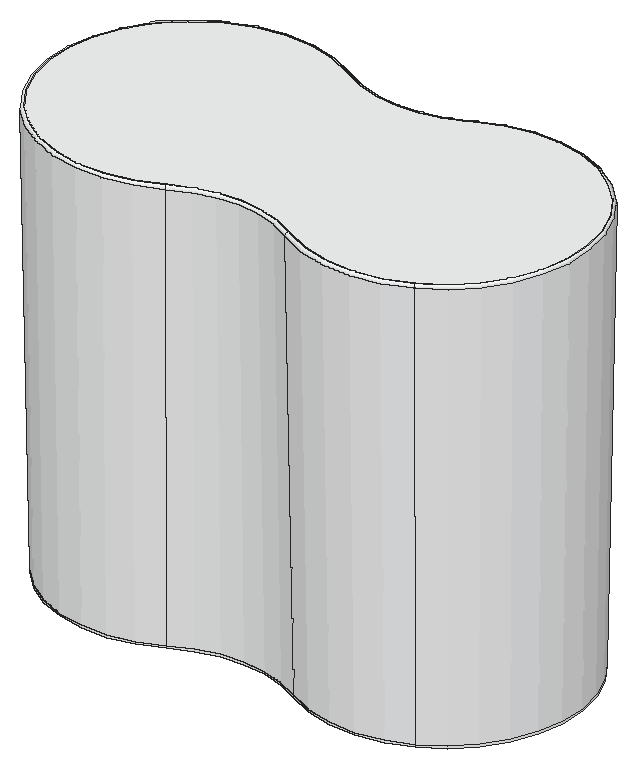
Revit family "INTONO C OUT 2.4", category Lighting Fixtures, host Ceiling, Revit 2020
Family settings
  Host = Ceiling
  Round Connector Dimension = Use Diameter
  Part Type = Normal
  OmniClass Number = 23.80.70.11
  OmniClass Title = Luminaries for Internal Lighting
  Always vertical = Yes
  Cut with Voids When Loaded = No
  Light Source = Yes
  Shared = No
  Room Calculation Point = Yes
Parameters (values of type "INTONO C OUT 2.4 TT 11° (3000K CRI90 12W 230Vac)")
  Wiring = "-"
  Width mm = 53.00 mm
  Weight kg = "0.60 kg"
  Wattage = 6.08582 W
  Vertical rotation max = 0.00°
  URL Technical sheet = "-"
  URL Image = "https://www.lucelight.it/en/prodotto-foto.php/142320"
  URL IES Photometric file = "https://www.lucelight.it/media/prodotti/fotometrie/intono_c_out_2.4_ies.zip"
  URL General code = "https://www.lucelight.it/en/prodotto.php/142320#a-generacodice"
  URL Description = "https://www.lucelight.it/en/capitolato.php/142320"
  URL DXF = "https://www.lucelight.it/media/prodotti/dxf/intono_c_out_2.4.dxf"
  URL Catalogue = "https://www.lucelight.it/media/prodotti/mf_brochure/intono_c_out_brochure_en.pdf"
  URL Accessories and power supply units = "https://www.lucelight.it/en/prodotto.php/142320#a-scheda-accessori"
  URL = "https://www.lucelight.it/en/prodotto.php/142320"
  Trim = L&L_Black glass
  built-in parameter 1150110 = 1 (stored number, unit not read)
  Tilt Angle = 90.00°
  Power supply unit = "built-in"
  Power supply = "230Vac"
  Power cables = "-"
  Power = "12W"
  Photometric Web File = "INTONO C OUT 2.4 TT 11° [3000K CRI90 12W 230Vac].IES"
  Optics = "11°"
  Notes = "Version compatible with Google Home or Amazon Echo available on request for voice command control"
  No. and type of led = "2 power LEDs, 3-step MacAdam, 50 000h L90 B10 (Ta 25°C)"
  Mounting = "surface mounted (ceiling)"
  Model = "Intono C OUT 2.4"
  Material = "Body in die-cast aluminium, screen in black-serigraphed, tempered, transparent extra-clear glass"
  Manufacturer = "L&L Luce&Light"
  Lumen output at source = "904 lm (3000K, CRI 90), 976 lm (3000K, CRI 80)"
  Lens = L&L_Tempered extra-clear glass
  built-in parameter 1114217 = 1 (stored number, unit not read)
  built-in parameter 1150109 = 1 (stored number, unit not read)
  built-in parameter 1150134 = (empty or 0)
  built-in parameter 1150113 = 1 (stored number, unit not read)
  Lumens = 904 lm
  built-in parameter 1150115 = 1 (stored number, unit not read)
  built-in parameter 1150105 = 13194.9 (stored number, unit not read)
  built-in parameter 1150137 = (empty or 0)
  built-in parameter 1150139 = (empty or 0)
  Length mm = 100.00 mm
  built-in parameter 1150112 = 1 (stored number, unit not read)
  built-in parameter 1150114 = 1 (stored number, unit not read)
  LED Colour = "2700K, 3000K, 4000K"
  built-in parameter 1150132 = 2
  built-in parameter 1150102 = (empty or 0)
  built-in parameter 1150138 = (empty or 0)
  built-in parameter 1150107 = 3000 (stored number, unit not read)
  built-in parameter 1150106 = 131.95 (stored number, unit not read)
  IP = "IP65"
  Horizontal rotation max = 0.00°
  Height mm = 82.00 mm
  Features = "easy installation thanks to 4-point magnetic fastener"
  Energy efficiency class = "A A+ A++"
  Emit from Line Length = 609.60 mm
  built-in parameter 1150104 = 13.8 (stored number, unit not read)
  Dimming Lamp Color Temperature Shift = <None>
  Description = "Ceiling mounted for outdoor applications"
  Delivered lumen output = "652 lm (3000K, 34°, CRI 90), 704 lm (3000K, 34°, CRI 80)"
  Default Elevation = 0.00 mm
  Cutout dimensions = "-"
  Control system = "ON/OFF"
  Contact = "T: +39 0444 360571; E: lucelight@lucelight.it"
  Company = "L&L Luce&Light"
  Color Filter = 16777215
  Code = "-"
  CRI = "CRI 80; CRI >90"
  built-in parameter 1114218 = 1 (stored number, unit not read)
  Body = L&L _Aluminium low copper
  built-in parameter 1150133 = 10 (stored number, unit not read)
Types (5, lengths in mm): name | Photometric Web File | Optics
  (no name) | "INTONO C OUT 2.4 TT 11° [3000K CRI90 12W 230Vac].IES" | "11°"
  INTONO C OUT 2.4 TT 11° (3000K CRI90 12W 230Vac) | "INTONO C OUT 2.4 TT 11° [3000K CRI90 12W 230Vac].IES" | "11°"
  INTONO C OUT 2.4 MM 34° (3000K CRI90 12W 230Vac) | "INTONO C OUT 2.4 MM 34° [3000K CRI90 12W 230Vac].IES" | "34°"
  INTONO C OUT 2.4 KK 68° (3000K CRI90 12W 230Va) | "INTONO C OUT 2.4 KK 68° [3000K CRI90 12W 230Vac].IES" | "68°"
  INTONO C OUT 2.4 DD (3000K CRI90 12W 230Vac) | "INTONO C OUT 2.4 DD [3000K CRI90 12W 230Vac].IES" | "diffuse"
Reference planes
  plane 1 "Light Source Axis (F/B)": y = 0
  plane 2 "Ceiling": z = 2438.4
  plane 3 "Light Source Axis (L/R)": x = 0
  plane 4 "Light Source Elevation": z = 2336.8
Dimensions and locks
  equal spacing: host sketch curve, plane 3 "Light Source Axis (L/R)", host sketch curve
  equal spacing: host sketch curve, plane 1 "Light Source Axis (F/B)", host sketch curve
  host sketch curve to host sketch curve = 3048.00 mm  (x2)
  aligned and locked: plane 3 "Light Source Axis (L/R)" to imposter light
  aligned and locked: plane 1 "Light Source Axis (F/B)" to imposter light
  aligned and locked: plane 4 "Light Source Elevation" to imposter light
Nested families
  nested 1: "INTONO C OUT 2.4_mod" at (0, 0, 2438.4), type "INTONO C OUT 2.4_mod"
Definition of nested family "INTONO C OUT 2.4_mod"
  Parameters (values of type "INTONO C OUT 2.4_mod")
    Trim = none
    Lens = none
    Default Elevation = 1219.20 mm
    Body = none
  Reference planes
    plane 1 "Light Source Axis (F/B)": y = 0
    plane 2: z = 0
    plane 3 "Light Source Axis (L/R)": x = 0
    plane 4 "Light Source Elevation": z = 0
    plane 5: z = 82.5
    plane 6: x = -51.427
    plane 7: x = 51.427
    plane 8: x = 50.013
    plane 9: x = -50.013
  Forms (mm)
    Sweep 1, solid, material <- "Body", detail levels medium+fine
      path origin (0, 0, 0) x (0, 1, 0) y (-1, 0, 0)
        loop
          arc (23.219, 37.594) -> (-12.919, 48.062) -> (-22.901, 11.787) r 26.427
          arc (-22.901, 11.787) -> (-19.742, 0) -> (-22.901, -11.787) r 23.573
          arc (-22.901, -11.787) -> (-26.439, -24.645) -> (-23.247, -37.594) r 26.427
          arc (-23.247, -37.594) -> (12.891, -48.062) -> (22.872, -11.787) r 26.427
          arc (22.872, -11.787) -> (19.714, 0) -> (22.872, 11.787) r 23.573
          arc (22.872, 11.787) -> (26.41, 24.645) -> (23.219, 37.594) r 26.427
      profile origin (-48.062, -12.919, 0) x (0.872665, 0.488319, 0) y (0, 0, 1)
        loop
          arc (0.577, 0) -> (0.168, -0.179) -> (0, -0.593) r 0.593
          line (0, -0.593) -> (1.4, -82.004) -> (2.8, -82.004) -> (0.577, 0)
    Extrusion 2, solid, material <- "Body", detail levels coarse
      sketch origin (0, 0, -80.493) x (0, 1, 0) y (-1, 0, 0)
        loop
          arc (-23.221, -37.588) -> (12.898, -48.049) -> (22.874, -11.794) r 26.413
          arc (22.874, -11.794) -> (19.714, 0) -> (22.874, 11.794) r 23.587
          arc (22.874, 11.794) -> (26.41, 24.645) -> (23.221, 37.588) r 26.413
          arc (23.221, 37.588) -> (-12.898, 48.049) -> (-22.874, 11.794) r 26.413
          arc (-22.874, 11.794) -> (-19.714, 0) -> (-22.874, -11.794) r 23.587
          arc (-22.874, -11.794) -> (-26.41, -24.645) -> (-23.221, -37.588) r 26.413
      from -2.007 to 80.493
    Extrusion 3, solid, material <- "Body", detail levels medium+fine
      sketch origin (0, 0, -2) x (0, 1, 0) y (-1, 0, 0)
        loop
          arc (-22.401, -12.075) -> (-25.862, -24.653) -> (-22.74, -37.319) r 25.85
          arc (-22.74, -37.319) -> (12.609, -47.558) -> (22.373, -12.075) r 25.85
          arc (22.373, -12.075) -> (19.137, 0) -> (22.373, 12.075) r 24.15
          arc (22.373, 12.075) -> (25.834, 24.653) -> (22.712, 37.319) r 25.85
          arc (22.712, 37.319) -> (-12.637, 47.558) -> (-22.401, 12.075) r 25.85
          arc (-22.401, 12.075) -> (-19.165, 0) -> (-22.401, -12.075) r 24.15
      from 0 to 2
    Extrusion 4, solid, material <- "Body", detail levels medium+fine
      sketch origin (-25, 0, -82) x (0.879138, 0.476568, 0) y (0.476568, -0.879138, 0)
        loop
          circle (43.957, 23.828) r 22.593
        loop
          circle (0, 0) r 22.593
        loop
          arc (43.285, -1.172) -> (68.964, 23.493) -> (43.957, 48.838) r 25.009
          arc (43.957, 48.838) -> (31.744, 45.653) -> (22.642, 36.91) r 25.009
          arc (22.642, 36.91) -> (13.252, 28.012) -> (0.671, 25) r 24.991
          arc (0.671, 25) -> (-25.007, 0.336) -> (0, -25.009) r 25.009
          arc (0, -25.009) -> (12.213, -21.825) -> (21.315, -13.082) r 25.009
          arc (21.315, -13.082) -> (30.705, -4.183) -> (43.285, -1.172) r 24.991
      from 0 to 0.5
    Extrusion 5, solid, material <- "Trim", detail levels fine
      sketch origin (-25, 0, -82) x (0.879138, 0.476568, 0) y (0.476568, -0.879138, 0)
        loop
          circle (43.957, 23.828) r 22.593
        loop
          circle (0, 0) r 22.593
        loop
          circle (43.957, 23.828) r 19
        loop
          circle (0, 0) r 19
      from -2.5 to -1.5
    Extrusion 6, solid, material <- "Lens", detail levels fine
      sketch origin (-25, 0, -82) x (0.879138, 0.476568, 0) y (0.476568, -0.879138, 0)
        loop
          circle (0, 0) r 18.889
        loop
          circle (43.957, 23.828) r 18.889
      from -8 to -10
    Extrusion 7, solid, material <- "Lens", detail levels medium
      sketch origin (-25, 0, -82) x (0.879138, 0.476568, 0) y (0.476568, -0.879138, 0)
        loop
          circle (43.957, 23.828) r 22.593
        loop
          circle (0, 0) r 22.593
      from -2.5 to -1.5
    Extrusion 8, solid, material <- "Body", detail levels medium+fine
      sketch origin (-25, 0, -82) x (0.879138, 0.476568, 0) y (0.476568, -0.879138, 0)
        loop
          circle (43.957, 23.828) r 22.593
        loop
          circle (0, 0) r 22.593
        loop
          circle (43.957, 23.828) r 23.5
        loop
          circle (0, 0) r 23.5
      from -2.5 to 0
    Sweep 9, solid, material <- "Body", detail levels fine
      path origin (0, 0, -5) x (0, 1, 0) y (-1, 0, 0)
        loop
          circle (0, 25) r 19
      profile origin (-41.704, -9.055, -5) x (-0.879138, -0.476568, 0) y (0, 0, 1)
        loop
          line (-0.095, -69.216) -> (4.097, -70.742) -> (5.22, -70.742) -> (5.22, -67.079) -> (-0.111, -67.079) -> (-0.095, -69.216)
    Extrusion 10, solid, material <- "Lens", detail levels fine
      sketch origin (-25, 0, -82) x (0.879138, 0.476568, 0) y (0.476568, -0.879138, 0)
        loop
          circle (43.957, 23.828) r 19
        loop
          circle (0, 0) r 19
      from -2.5 to -1.5
    Sweep 11, solid, material <- "Body", detail levels fine
      path origin (0, 0, -5) x (0, -1, 0) y (1, 0, 0)
        loop
          circle (0, 25) r 19
      profile origin (41.704, -9.055, -5) x (-0.879138, 0.476568, 0) y (0, 0, 1)
        loop
          line (0.095, -69.216) -> (0.111, -67.079) -> (-5.22, -67.079) -> (-5.22, -70.742) -> (-4.097, -70.742) -> (0.095, -69.216)
  Dimensions and locks
    plane 4 "Light Source Elevation" to plane 5 = 82.50 mm
    plane 7 to plane 6 = 102.854 mm
    plane 8 to plane 9 = 100.026 mm
    aligned and locked: level to plane 2
